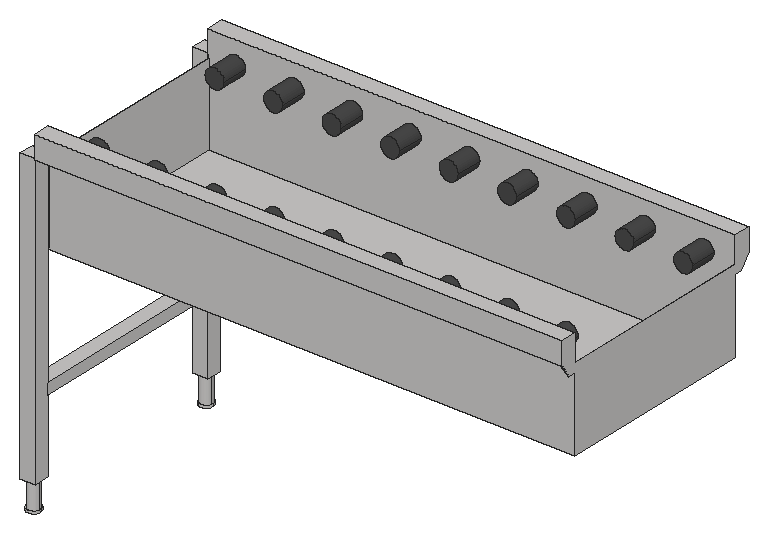
Revit family "QF_ELECTROLUXPROFESSIONAL_863069_HSSRDB14", category Specialty Equipment, Revit 2018
Family settings
  Round Connector Dimension = Use Diameter
  Part Type = Normal
  Work Plane-Based = No
  Always vertical = Yes
  Cut with Voids When Loaded = No
  Shared = No
  Room Calculation Point = No
Parameters
  Weight = 0.00 kg
  Watts = 0 W
  Volts = 0 V
  URL Manufacturer = "http://professional.electrolux.com/"
  URL = "http://professional.electrolux.com/"
  Steam Supply Size = 0 mm
  Steam Supply Minimum Pressure = 0.0 Pa
  Steam Supply Maximum Pressure = 0.0 Pa
  Steam Pounds per Hour = 0
  Refrigeration Suction Line Size = 0 mm
  Refrigeration Liquid Line Size = 0 mm
  Refrigerant Compressor Remote = yes
  Manufacturer = "Electrolux"
  Phase = 0
  Model = "HSSRDB14"
  Length Actual = 1400 mm  # constant formula
  Item Number = "863069"
  Hot Water Size = 0 mm
  Height Actual = 910 mm  # constant formula
  HP = "0 HP"
  Gas Size = 0 mm
  Gas KW = 0
  Gas Input Pressure = 0 W
  Description = "SHORT ROLLER CONVEYOR WITH DEEP BASIN,  L=1400 MM"
  Depth Actual = 620 mm  # constant formula
  Cycle = 0 Hz
  Condensate Return Size = 0 mm
  Compressed Air Volume = 0.0 L/s
  Compressed Air Size = 0 mm
  Compressed Air Pressure = 0.0 Pa
  Cold Water Size = 0 mm
  Accessory = yes
Reference planes
  plane 1 "Centro (Fronte/Retro)": y = 74.737
  plane 2: z = 0
  plane 3 "LEFT": x = -1038.761
  plane 4 "BACK": y = 384.737
  plane 5 "FRONT": y = -235.263
  plane 6: z = 910
  plane 7 "RIGHT": x = 361.239
  plane 8: x = -338.761
Forms (mm)
  Extrusion 1, solid, material "QF_Finishes_Stainless Steel"
    sketch origin (0, 74.737, 0) x (1, 0, 0) y (0, 0, 1)
      loop
        line (-1079.929, 300) -> (-1079.929, 270) -> (-1039.929, 270) -> (-1039.929, 300) -> (-1079.929, 300)
    from -266.504 to 266.46
  Extrusion 2, solid, material "QF_Finishes_Stainless Steel"
    sketch origin (11.239, 0, 0) x (0, 1, 0) y (0, 0, 1)
      loop
        line (-235.263, 910) -> (-235.263, 850.033) -> (-190.242, 850.033) -> (-190.242, 910) -> (-235.263, 910)
      loop
        line (384.737, 910) -> (339.716, 910) -> (339.716, 850.033) -> (384.737, 850.033) -> (384.737, 910)
    from -1048.8 to 348.8
  Extrusion 3, solid, material "QF_Finishes_Stainless Steel"
    sketch origin (11.239, 0, 0) x (0, 1, 0) y (0, 0, 1)
      loop
        line (-191.727, 850.033) -> (-191.727, 618.033) -> (341.245, 618.033) -> (341.245, 850.033) -> (339.716, 850.033) -> (339.716, 621.033) -> (-190.242, 621.033) -> (-190.242, 850.033) -> (-191.727, 850.033)
    from -1048.8 to 348.8
  Extrusion 4, solid, material "QF_Finishes_Stainless Steel"
    sketch origin (1661.239, 723.253, 4000) x (0, 1, 0) y (0, 0, 1)
      loop
        line (-958.516, -3090) -> (-958.516, -3149.967) -> (-934.752, -3185.632) -> (-914.981, -3185.632) -> (-914.981, -3381.967) -> (-382.009, -3381.967) -> (-382.009, -3185.632) -> (-362.281, -3185.632) -> (-338.516, -3149.967) -> (-338.516, -3090) -> (-383.538, -3090) -> (-383.538, -3161.926) -> (-913.495, -3161.926) -> (-913.495, -3090) -> (-958.516, -3090)
    from -1300 to -1301.2
  Revolve 5, solid, material "QF_Finishes_Stainless Steel"
    sketch origin (-338.761, 0, 0) x (0, 1, 0) y (0, 0, 1)
      loop
        line (74.737, 618.033) -> (-1.756, 618.033) -> (-1.756, 601.823) -> (0.354, 601.823)
        arc (0.354, 601.823) -> (3.64, 597.973) -> (0.351, 594.125) r 3.897
        line (0.351, 594.125) -> (-1.756, 594.125) -> (-1.756, 551.31)
        arc (-1.756, 551.31) -> (8.91, 520.632) -> (36.296, 503.17) r 49.497
        line (36.296, 503.17) -> (36.296, 500.684) -> (37.487, 497.398) -> (51.25, 491.407) -> (51.25, 455.535) -> (52.727, 454.059) -> (74.737, 454.059) -> (74.737, 618.033)
      axis (74.737, 454.059) -> (74.737, 618.033)
    angle from 0 to 360
  Extrusion 6, solid, material "QF_Finishes_Stainless Steel"
    sketch origin (-537.561, 723.253, 4000) x (0, 1, 0) y (0, 0, 1)
      loop
        line (-958.516, -3090) -> (-958.516, -3149.967) -> (-914.981, -3149.967) -> (-914.981, -3381.967) -> (-382.009, -3381.967) -> (-382.009, -3149.967) -> (-338.516, -3149.967) -> (-338.516, -3090) -> (-383.538, -3090) -> (-383.538, -3161.926) -> (-913.495, -3161.926) -> (-913.495, -3090) -> (-958.516, -3090)
    from -500 to -501.2
  Extrusion 7, solid, material "QF_Finishes_Black"
    sketch origin (0, 74.737, 0) x (1, 0, 0) y (0, 0, 1)
      loop
        circle (-961.28, 850.115) r 25
      loop
        circle (-805.65, 850.115) r 25
      loop
        circle (-27.501, 850.115) r 25
      loop
        circle (128.128, 850.115) r 25
      loop
        circle (283.758, 850.115) r 25
      loop
        circle (-183.131, 850.115) r 25
      loop
        circle (-650.021, 850.115) r 25
      loop
        circle (-338.761, 850.115) r 25
      loop
        circle (-494.391, 850.115) r 25
    from 190.58 to 260.534
  Extrusion 8, solid, material "QF_Finishes_Black"
    sketch origin (0, 74.737, 0) x (1, 0, 0) y (0, 0, -1)
      loop
        circle (-961.28, -850.115) r 25
      loop
        circle (-805.65, -850.115) r 25
      loop
        circle (-27.501, -850.115) r 25
      loop
        circle (128.128, -850.115) r 25
      loop
        circle (283.758, -850.115) r 25
      loop
        circle (-183.131, -850.115) r 25
      loop
        circle (-650.021, -850.115) r 25
      loop
        circle (-338.761, -850.115) r 25
      loop
        circle (-494.391, -850.115) r 25
    from 190.58 to 260.534
Cuts and joins
  joined: Extrusion 2, Extrusion 3, Extrusion 4, Revolve 5, Extrusion 6
Lines and regions (mm)
  Split face 1
    outline origin (708.239, 339.716, 621.033) x (-1, 0, 0) y (0, -1, 0)
      loop
        circle (1047, 264.904) r 3.016
  Split face 2
    outline origin (708.239, 339.716, 621.033) x (-1, 0, 0) y (0, -1, 0)
      loop
        circle (1047, 264.904) r 52.991
  Split face 3
    outline origin (708.239, 339.716, 621.033) x (-1, 0, 0) y (0, -1, 0)
      loop
        circle (1047, 264.904) r 36.015
  Split face 4
    outline origin (708.239, 339.716, 621.033) x (-1, 0, 0) y (0, -1, 0)
      loop
        circle (1047, 264.904) r 26.027
  Split face 5
    outline origin (708.239, 339.716, 621.033) x (-1, 0, 0) y (0, -1, 0)
      loop
        circle (1047, 264.904) r 9.056
  Masking region 1
    outline origin (0, 0, 0) x (1, 0, 0) y (0, 1, 0)
      loop
        line (-1038.761, 384.737) -> (-1038.761, -235.263) -> (361.239, -235.263) -> (361.239, 384.737) -> (-1038.761, 384.737)
  symbolic lines
    curve 1: line (361.239, 384.737, 0) -> (-1038.761, 384.737, 0)
    curve 2: line (-1038.761, 384.737, 0) -> (-1038.761, -235.263, 0)
    curve 3: line (-1038.761, 339.716, 0) -> (361.239, 339.716, 0)
    curve 4: line (-1038.761, -235.263, 0) -> (361.239, -235.263, 0)
    curve 5: line (361.239, -235.263, 0) -> (361.239, 384.737, 0)
    curve 6: line (361.239, -190.242, 0) -> (-1038.761, -190.242, 0)
    curve 7: line (-936.28, -185.797, 0) -> (-986.28, -185.797, 0)
    curve 8: line (-986.28, -185.797, 0) -> (-986.28, -115.842, 0)
    curve 9: line (-986.28, -115.842, 0) -> (-936.28, -115.842, 0)
    curve 10: line (-936.28, -115.842, 0) -> (-936.28, -185.797, 0)
    curve 11: line (-780.65, -185.797, 0) -> (-830.65, -185.797, 0)
    curve 12: line (-830.65, -185.797, 0) -> (-830.65, -115.842, 0)
    curve 13: line (-830.65, -115.842, 0) -> (-780.65, -115.842, 0)
    curve 14: line (-780.65, -115.842, 0) -> (-780.65, -185.797, 0)
    curve 15: line (-625.021, -185.797, 0) -> (-675.021, -185.797, 0)
    curve 16: line (-675.021, -185.797, 0) -> (-675.021, -115.842, 0)
    curve 17: line (-675.021, -115.842, 0) -> (-625.021, -115.842, 0)
    curve 18: line (-625.021, -115.842, 0) -> (-625.021, -185.797, 0)
    curve 19: line (-158.131, -185.797, 0) -> (-208.131, -185.797, 0)
    curve 20: line (-208.131, -185.797, 0) -> (-208.131, -115.842, 0)
    curve 21: line (-208.131, -115.842, 0) -> (-158.131, -115.842, 0)
    curve 22: line (-158.131, -115.842, 0) -> (-158.131, -185.797, 0)
    curve 23: line (361.239, 74.737, 0) -> (331.239, 74.737, 0)
    curve 24: line (-1038.761, 74.737, 0) -> (-1008.761, 74.737, 0)
    curve 25: arc (-338.761, 151.231, 0) -> (-262.267, 74.737, 0) -> (-338.761, -1.756, 0) r 76.494
    curve 26: arc (-338.761, -1.756, 0) -> (-415.254, 74.737, 0) -> (-338.761, 151.231, 0) r 76.494
    curve 27: arc (-338.761, 96.747, 0) -> (-360.771, 74.737, 0) -> (-338.761, 52.727, 0) r 22.01
    curve 28: arc (-338.761, 52.727, 0) -> (-316.751, 74.737, 0) -> (-338.761, 96.747, 0) r 22.01
    curve 29: line (-2.501, -185.797, 0) -> (-52.501, -185.797, 0)
    curve 30: line (-52.501, -185.797, 0) -> (-52.501, -115.842, 0)
    curve 31: line (-52.501, -115.842, 0) -> (-2.501, -115.842, 0)
    curve 32: line (-2.501, -115.842, 0) -> (-2.501, -185.797, 0)
    curve 33: line (153.128, -185.797, 0) -> (103.128, -185.797, 0)
    curve 34: line (103.128, -185.797, 0) -> (103.128, -115.842, 0)
    curve 35: line (103.128, -115.842, 0) -> (153.128, -115.842, 0)
    curve 36: line (153.128, -115.842, 0) -> (153.128, -185.797, 0)
    curve 37: line (308.758, -185.797, 0) -> (258.758, -185.797, 0)
    curve 38: line (258.758, -185.797, 0) -> (258.758, -115.842, 0)
    curve 39: line (258.758, -115.842, 0) -> (308.758, -115.842, 0)
    curve 40: line (308.758, -115.842, 0) -> (308.758, -185.797, 0)
    curve 41: line (-469.391, -185.797, 0) -> (-519.391, -185.797, 0)
    curve 42: line (-519.391, -185.797, 0) -> (-519.391, -115.842, 0)
    curve 43: line (-519.391, -115.842, 0) -> (-469.391, -115.842, 0)
    curve 44: line (-469.391, -115.842, 0) -> (-469.391, -185.797, 0)
    curve 45: line (-313.761, -185.797, 0) -> (-363.761, -185.797, 0)
    curve 46: line (-363.761, -185.797, 0) -> (-363.761, -115.842, 0)
    curve 47: line (-363.761, -115.842, 0) -> (-313.761, -115.842, 0)
    curve 48: line (-313.761, -115.842, 0) -> (-313.761, -185.797, 0)
    curve 49: line (-936.28, 335.271, 0) -> (-986.28, 335.271, 0)
    curve 50: line (-986.28, 335.271, 0) -> (-986.28, 265.317, 0)
    curve 51: line (-986.28, 265.317, 0) -> (-936.28, 265.317, 0)
    curve 52: line (-936.28, 265.317, 0) -> (-936.28, 335.271, 0)
    curve 53: line (-780.65, 335.271, 0) -> (-830.65, 335.271, 0)
    curve 54: line (-830.65, 335.271, 0) -> (-830.65, 265.317, 0)
    curve 55: line (-830.65, 265.317, 0) -> (-780.65, 265.317, 0)
    curve 56: line (-780.65, 265.317, 0) -> (-780.65, 335.271, 0)
    curve 57: line (-625.021, 335.271, 0) -> (-675.021, 335.271, 0)
    curve 58: line (-675.021, 335.271, 0) -> (-675.021, 265.317, 0)
    curve 59: line (-675.021, 265.317, 0) -> (-625.021, 265.317, 0)
    curve 60: line (-625.021, 265.317, 0) -> (-625.021, 335.271, 0)
    curve 61: line (-158.131, 335.271, 0) -> (-208.131, 335.271, 0)
    curve 62: line (-208.131, 335.271, 0) -> (-208.131, 265.317, 0)
    curve 63: line (-208.131, 265.317, 0) -> (-158.131, 265.317, 0)
    curve 64: line (-158.131, 265.317, 0) -> (-158.131, 335.271, 0)
    curve 65: line (-2.501, 335.271, 0) -> (-52.501, 335.271, 0)
    curve 66: line (-52.501, 335.271, 0) -> (-52.501, 265.317, 0)
    curve 67: line (-52.501, 265.317, 0) -> (-2.501, 265.317, 0)
    curve 68: line (-2.501, 265.317, 0) -> (-2.501, 335.271, 0)
    curve 69: line (153.128, 335.271, 0) -> (103.128, 335.271, 0)
    curve 70: line (103.128, 335.271, 0) -> (103.128, 265.317, 0)
    curve 71: line (103.128, 265.317, 0) -> (153.128, 265.317, 0)
    curve 72: line (153.128, 265.317, 0) -> (153.128, 335.271, 0)
    curve 73: line (308.758, 335.271, 0) -> (258.758, 335.271, 0)
    curve 74: line (258.758, 335.271, 0) -> (258.758, 265.317, 0)
    curve 75: line (258.758, 265.317, 0) -> (308.758, 265.317, 0)
    curve 76: line (308.758, 265.317, 0) -> (308.758, 335.271, 0)
    curve 77: line (-469.391, 335.271, 0) -> (-519.391, 335.271, 0)
    curve 78: line (-519.391, 335.271, 0) -> (-519.391, 265.317, 0)
    curve 79: line (-519.391, 265.317, 0) -> (-469.391, 265.317, 0)
    curve 80: line (-469.391, 265.317, 0) -> (-469.391, 335.271, 0)
    curve 81: line (-313.761, 335.271, 0) -> (-363.761, 335.271, 0)
    curve 82: line (-363.761, 335.271, 0) -> (-363.761, 265.317, 0)
    curve 83: line (-363.761, 265.317, 0) -> (-313.761, 265.317, 0)
    curve 84: line (-313.761, 265.317, 0) -> (-313.761, 335.271, 0)
Dimensions and locks
  plane 3 "LEFT" to plane 7 "RIGHT" = 1400 mm
  equal spacing: plane 4 "BACK", plane 1 "Centro (Fronte/Retro)", plane 5 "FRONT"
  plane 4 "BACK" to plane 5 "FRONT" = 620 mm
  equal spacing: plane 3 "LEFT", plane 8, plane 7 "RIGHT"
  locked: Extrusion 7 sketch curve to plane 3 "LEFT" at 77.481
  locked: plane 7 "RIGHT" to Extrusion 7 sketch curve at 77.481
  equal spacing: Extrusion 7 sketch curve, Extrusion 7 sketch curve, Extrusion 7 sketch curve, Extrusion 7 sketch curve, Extrusion 7 sketch curve, Extrusion 7 sketch curve, Extrusion 7 sketch curve, Extrusion 7 sketch curve, Extrusion 7 sketch curve
  equal spacing: Extrusion 8 sketch curve, Extrusion 8 sketch curve, Extrusion 8 sketch curve, Extrusion 8 sketch curve, Extrusion 8 sketch curve, Extrusion 8 sketch curve, Extrusion 8 sketch curve, Extrusion 8 sketch curve, Extrusion 8 sketch curve
  aligned and locked: level to plane 2
  aligned and locked: plane 8 to cut or joined group of Extrusion 2, Extrusion 3, Extrusion 4, Revolve 5, Extrusion 6
Automatic sketch dimensions
  curve 25 to curve 26 = 0 mm  (x2)
  curve 25 to curve 27 = 0 mm  (x2)
  curve 25 to curve 28 = 0 mm  (x2)
  curve 26 to curve 27 = 0 mm  (x2)
  curve 26 to curve 28 = 0 mm  (x2)
  curve 27 to curve 28 = 0 mm  (x2)
  plane 1 "Centro (Fronte/Retro)" to curve 24 = 0 mm
  curve 24 to plane 3 "LEFT" = 0 mm
  curve 28 to plane 8 = 0 mm
  plane 1 "Centro (Fronte/Retro)" to curve 23 = 0 mm
  curve 6 to plane 7 "RIGHT" = 0 mm
  curve 4 to plane 5 "FRONT" = 0 mm
  plane 1 "Centro (Fronte/Retro)" to curve 25 = 0 mm
  curve 2 to plane 4 "BACK" = 0 mm
  plane 3 "LEFT" to curve 50 = 52.481 mm
  plane 3 "LEFT" to curve 9 = 52.481 mm
  curve 7 to curve 7 = 50 mm
  curve 50 to curve 51 = 50 mm
  curve 51 to curve 55 = 105.63 mm
  plane 5 "FRONT" to curve 12 = 49.466 mm
  curve 7 to curve 12 = 105.63 mm
  curve 54 to curve 55 = 50 mm
  curve 11 to curve 11 = 50 mm
  curve 58 to plane 4 "BACK" = 49.466 mm
  curve 53 to curve 58 = 105.63 mm
  plane 5 "FRONT" to curve 15 = 49.466 mm
  curve 11 to curve 15 = 105.63 mm
  curve 58 to curve 60 = 50 mm
  curve 15 to curve 15 = 50 mm
  curve 17 to curve 42 = 105.63 mm
  curve 59 to curve 79 = 105.63 mm
  curve 41 to curve 41 = 50 mm
  curve 78 to curve 79 = 50 mm
  plane 8 to curve 81 = 25 mm
  plane 8 to curve 46 = 25 mm
  curve 81 to plane 8 = 25 mm
  curve 45 to plane 8 = 25 mm
  plane 5 "FRONT" to curve 20 = 49.466 mm
  curve 45 to curve 20 = 105.63 mm
  curve 83 to curve 62 = 105.63 mm
  curve 20 to curve 22 = 50 mm
  curve 61 to curve 64 = 50 mm
  curve 65 to plane 4 "BACK" = 49.466 mm
  curve 61 to curve 65 = 105.63 mm
  curve 21 to curve 31 = 105.63 mm
  curve 29 to curve 29 = 50 mm
  curve 65 to curve 65 = 50 mm
  curve 31 to curve 35 = 105.63 mm
  curve 67 to curve 71 = 105.63 mm
  curve 69 to curve 69 = 50 mm
  curve 33 to curve 36 = 50 mm
  curve 39 to plane 7 "RIGHT" = 102.481 mm
  curve 73 to plane 4 "BACK" = 49.466 mm
  curve 73 to plane 7 "RIGHT" = 102.481 mm
  curve 73 to curve 76 = 50 mm
  curve 37 to curve 40 = 50 mm
  plane 5 "FRONT" to curve 36 = 49.466 mm
  plane 5 "FRONT" to curve 37 = 49.466 mm
  plane 5 "FRONT" to curve 48 = 49.466 mm
  plane 5 "FRONT" to curve 42 = 49.466 mm
  plane 5 "FRONT" to curve 7 = 49.466 mm
  plane 5 "FRONT" to curve 32 = 49.466 mm
  curve 19 to curve 22 = 69.954 mm
  curve 15 to curve 18 = 69.954 mm
  curve 41 to curve 44 = 69.954 mm
  curve 11 to curve 14 = 69.954 mm
  curve 37 to curve 40 = 69.954 mm
  curve 7 to curve 10 = 69.954 mm
  curve 29 to curve 30 = 69.954 mm
  curve 45 to curve 46 = 69.954 mm
  curve 33 to curve 34 = 69.954 mm
  curve 79 to plane 4 "BACK" = 119.42 mm
  curve 79 to curve 82 = 0 mm
  curve 76 to curve 73 = 69.954 mm
  curve 50 to plane 4 "BACK" = 119.42 mm
  curve 72 to curve 74 = 0 mm
  curve 51 to curve 54 = 0 mm
  curve 68 to curve 65 = 69.954 mm
  curve 58 to curve 57 = 69.954 mm
  curve 64 to curve 66 = 0 mm
  curve 61 to plane 4 "BACK" = 49.466 mm
  curve 69 to plane 4 "BACK" = 49.466 mm
  curve 56 to plane 4 "BACK" = 49.466 mm
  curve 52 to plane 4 "BACK" = 49.466 mm
  curve 77 to plane 4 "BACK" = 49.466 mm
  curve 82 to plane 4 "BACK" = 49.466 mm
  plane 3 "LEFT" to curve 24 = 30 mm
  curve 23 to curve 23 = 30 mm
  curve 4 to curve 6 = 45.021 mm
  curve 26 to curve 25 = 76.494 mm
  curve 27 to curve 25 = 22.01 mm
  curve 3 to curve 1 = 45.021 mm
  Extrusion 1 sketch curve to plane 3 "LEFT" = 41.168 mm
  Extrusion 1 sketch curve to plane 3 "LEFT" = 1.168 mm
  level to Extrusion 1 sketch curve = 270 mm
  Extrusion 1 sketch curve to Extrusion 1 sketch curve = 30 mm
  Extrusion 2 sketch curve to plane 5 "FRONT" = 0 mm
  Extrusion 2 sketch curve to plane 6 = 0 mm  (x2)
  Extrusion 2 sketch curve to plane 4 "BACK" = 0 mm
  plane 5 "FRONT" to Extrusion 2 sketch curve = 45.021 mm
  Extrusion 2 sketch curve to plane 4 "BACK" = 45.021 mm
  Extrusion 2 sketch curve to Extrusion 2 sketch curve = 59.967 mm  (x2)
  plane 5 "FRONT" to Extrusion 3 sketch curve = 43.536 mm
  Extrusion 3 sketch curve to Extrusion 3 sketch curve = 1.486 mm
  Extrusion 3 sketch curve to plane 4 "BACK" = 45.021 mm
  Extrusion 3 sketch curve to Extrusion 3 sketch curve = 1.529 mm
  Extrusion 3 sketch curve to plane 6 = 291.967 mm
  Extrusion 3 sketch curve to Extrusion 3 sketch curve = 3 mm
  Extrusion 3 sketch curve to plane 6 = 59.967 mm  (x2)
  Extrusion 4 sketch curve to plane 5 "FRONT" = 0 mm
  Extrusion 4 sketch curve to plane 6 = 0 mm  (x2)
  Extrusion 4 sketch curve to plane 4 "BACK" = 0 mm
  plane 5 "FRONT" to Extrusion 4 sketch curve = 23.764 mm
  plane 5 "FRONT" to Extrusion 4 sketch curve = 43.536 mm
  plane 5 "FRONT" to Extrusion 4 sketch curve = 45.021 mm
  Extrusion 4 sketch curve to plane 4 "BACK" = 45.021 mm
  Extrusion 4 sketch curve to plane 4 "BACK" = 43.492 mm
  Extrusion 4 sketch curve to Extrusion 4 sketch curve = 19.728 mm
  Extrusion 4 sketch curve to Extrusion 4 sketch curve = 59.967 mm  (x2)
  Extrusion 4 sketch curve to Extrusion 4 sketch curve = 11.959 mm
  Extrusion 4 sketch curve to Extrusion 4 sketch curve = 23.706 mm  (x2)
  Extrusion 4 sketch curve to Extrusion 4 sketch curve = 196.335 mm
  Revolve 5 sketch curve to plane 1 "Centro (Fronte/Retro)" = 0 mm  (x2)
  plane 1 "Centro (Fronte/Retro)" to Revolve 5 sketch curve = 22.01 mm
  plane 1 "Centro (Fronte/Retro)" to Revolve 5 sketch curve = 23.487 mm
  plane 1 "Centro (Fronte/Retro)" to Revolve 5 sketch curve = 26.996 mm
  Revolve 5 sketch curve to Revolve 5 sketch curve = 13.764 mm
  Revolve 5 sketch curve to Revolve 5 sketch curve = 1.191 mm
  Revolve 5 sketch curve to Revolve 5 sketch curve = 47.387 mm
  Revolve 5 sketch curve to Revolve 5 sketch curve = 0.003 mm
  Revolve 5 sketch curve to Revolve 5 sketch curve = 0.608 mm
  Revolve 5 sketch curve to Revolve 5 sketch curve = 2.107 mm
  Revolve 5 sketch curve to Revolve 5 sketch curve = 2.11 mm
  level to Revolve 5 sketch curve = 454.059 mm
  Revolve 5 sketch curve to Revolve 5 sketch curve = 1.476 mm
  Revolve 5 sketch curve to Revolve 5 sketch curve = 35.872 mm
  Revolve 5 sketch curve to Revolve 5 sketch curve = 5.991 mm
  Revolve 5 sketch curve to Revolve 5 sketch curve = 3.286 mm
  Revolve 5 sketch curve to Revolve 5 sketch curve = 2.486 mm
  Revolve 5 sketch curve to Revolve 5 sketch curve = 48.139 mm
  Revolve 5 sketch curve to Revolve 5 sketch curve = 42.815 mm
  Revolve 5 sketch curve to Revolve 5 sketch curve = 3.849 mm
  Revolve 5 sketch curve to Revolve 5 sketch curve = 66.706 mm
  Revolve 5 sketch curve to Revolve 5 sketch curve = 3 mm
  Revolve 5 sketch curve to Revolve 5 sketch curve = 14.991 mm
  cut or joined group of Extrusion 2, Extrusion 3, Extrusion 4, Revolve 5, Extrusion 6 to Split face 1 sketch curve = 264.904 mm
  cut or joined group of Extrusion 2, Extrusion 3, Extrusion 4, Revolve 5, Extrusion 6 to Split face 1 sketch curve = 698.8 mm
  cut or joined group of Extrusion 2, Extrusion 3, Extrusion 4, Revolve 5, Extrusion 6 to Split face 2 sketch curve = 264.904 mm
  cut or joined group of Extrusion 2, Extrusion 3, Extrusion 4, Revolve 5, Extrusion 6 to Split face 2 sketch curve = 698.8 mm
  cut or joined group of Extrusion 2, Extrusion 3, Extrusion 4, Revolve 5, Extrusion 6 to Split face 3 sketch curve = 264.904 mm
  cut or joined group of Extrusion 2, Extrusion 3, Extrusion 4, Revolve 5, Extrusion 6 to Split face 3 sketch curve = 698.8 mm
  cut or joined group of Extrusion 2, Extrusion 3, Extrusion 4, Revolve 5, Extrusion 6 to Split face 4 sketch curve = 264.904 mm
  cut or joined group of Extrusion 2, Extrusion 3, Extrusion 4, Revolve 5, Extrusion 6 to Split face 4 sketch curve = 698.8 mm
  cut or joined group of Extrusion 2, Extrusion 3, Extrusion 4, Revolve 5, Extrusion 6 to Split face 5 sketch curve = 264.904 mm
  cut or joined group of Extrusion 2, Extrusion 3, Extrusion 4, Revolve 5, Extrusion 6 to Split face 5 sketch curve = 698.8 mm
  Masking region 1 sketch curve to plane 3 "LEFT" = 0 mm
  Masking region 1 sketch curve to plane 5 "FRONT" = 0 mm
  Masking region 1 sketch curve to plane 7 "RIGHT" = 0 mm
  Masking region 1 sketch curve to plane 4 "BACK" = 0 mm
  Extrusion 6 sketch curve to plane 5 "FRONT" = 0 mm
  Extrusion 6 sketch curve to plane 6 = 0 mm  (x2)
  Extrusion 6 sketch curve to plane 4 "BACK" = 0 mm
  plane 5 "FRONT" to Extrusion 6 sketch curve = 43.536 mm
  plane 5 "FRONT" to Extrusion 6 sketch curve = 45.021 mm
  Extrusion 6 sketch curve to plane 4 "BACK" = 45.021 mm
  Extrusion 6 sketch curve to plane 4 "BACK" = 43.492 mm
  Extrusion 6 sketch curve to Extrusion 6 sketch curve = 59.967 mm  (x2)
  Extrusion 6 sketch curve to Extrusion 6 sketch curve = 11.959 mm
  Extrusion 6 sketch curve to Extrusion 6 sketch curve = 220.041 mm
  Extrusion 7 sketch curve to plane 6 = 59.885 mm  (x9)
  plane 3 "LEFT" to Extrusion 8 sketch curve = 77.481 mm
  Extrusion 8 sketch curve to plane 6 = 59.885 mm  (x9)
  Extrusion 8 sketch curve to Extrusion 8 sketch curve = 155.63 mm
  radius of Split face 1 sketch curve = 3.016 mm
  radius of Split face 2 sketch curve = 52.991 mm
  radius of Split face 3 sketch curve = 36.015 mm
  radius of Split face 4 sketch curve = 26.027 mm
  radius of Split face 5 sketch curve = 9.056 mm
  radius of Extrusion 7 sketch curve = 25 mm  (x9)
  radius of Extrusion 8 sketch curve = 25 mm  (x9)
Nested families
  nested 1: "Foot_40x40" at (-1059.929, 361.245, 0), type "Foot_40x40"
    with A 850.033 mm
  nested 2: "Foot_40x40" at (-1059.929, -211.771, 0), type "Foot_40x40"
    with A 850.033 mm
Connectors
  piping at (-338.761, 74.737, 454.059), diameter 30
    settings: on cut or joined group of Extrusion 2, Extrusion 3, Extrusion 4, Revolve 5, Extrusion 6, index 1, connector inside diameter 609.6 mm, connector length 0 mm, flow factor 0, pipe flow 0.0 L/s, pressure drop 0.0 Pa, fitting loss kfactor 0, connector angle 0.00°, fixture units 0, engagement length 0 mm, angle of deflection 0.00°, flow configuration 1, flow direction 2, fitting loss method 0, system type 16, joint type 0, gender type 0, connector reference index -1, connector utility 0, adjustable connector no, is connector primary yes, connector description "Drain"
Definition of nested family "Foot_40x40"
  Parameters
    A [instance] = 850 mm
  Reference planes
    plane 1 "Centro (Fronte/Retro)": y = 0
    plane 2: z = 0
    plane 3 "Centro (Sinistra/Destra)": x = 0
    plane 4: z = 850
  Forms (mm)
    Extrusion 1, solid
      sketch origin (0, 0, 0) x (1, 0, 0) y (0, 1, 0)
        loop
          circle (0, 0) r 18
      from 0 to 5
    Extrusion 2, solid
      sketch origin (0, 0, 5) x (1, 0, 0) y (0, 1, 0)
        loop
          circle (0, 0) r 15
      from 0 to 70
    Extrusion 3, solid
      sketch origin (0, 0, 75) x (1, 0, 0) y (0, 1, 0)
        loop
          line (-20, 20) -> (-20, -20) -> (20, -20) -> (20, 20) -> (-20, 20)
      from 0 to 775
  Dimensions and locks
    "A": plane 4 to plane 2
    aligned and locked: level to plane 2
    aligned and locked: plane 4 to Extrusion 3
    aligned and locked: Extrusion 1 to level
  Automatic sketch dimensions
    plane 1 "Centro (Fronte/Retro)" to Extrusion 1 sketch curve = 0 mm
    Extrusion 1 sketch curve to plane 3 "Centro (Sinistra/Destra)" = 0 mm
    Extrusion 3 sketch curve to Extrusion 3 sketch curve = 40 mm  (x2)
    radius of Extrusion 1 sketch curve = 18 mm
    radius of Extrusion 2 sketch curve to Extrusion 1 = 3 mm
